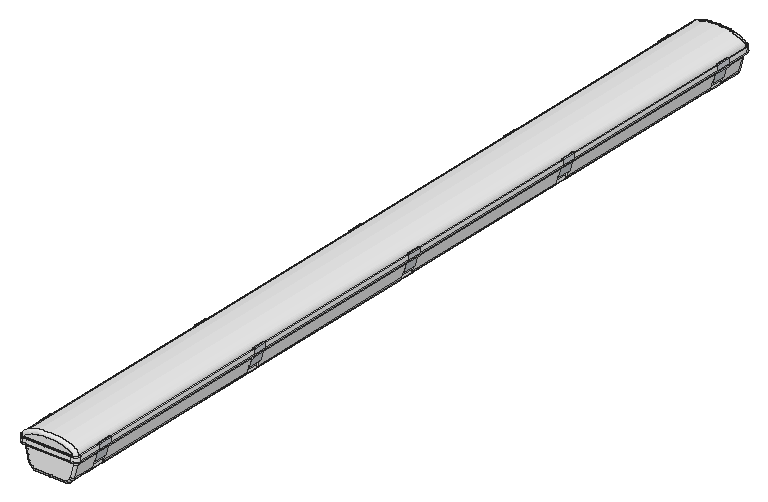
Revit family "0048721", category Lighting Fixtures, host Face, Revit 2017
Family settings
  Host = Face
  Round Connector Dimension = Use Diameter
  Part Type = Normal
  OmniClass Number = 23.80.70.11.14
  OmniClass Title = General Luminaries, Directional
  Cut with Voids When Loaded = Yes
  Light Source = Yes
  Shared = No
  Room Calculation Point = No
Parameters (values of type "0048721 SYLPROOF SUPERIA LED G3 1500mm T 4K SSH01")
  Width = 110 mm
  Weight = "2.4 kg"
  Wattage Comments = "n/a"
  Wattage = 49 W
  WarrantyStartDate [instance] = "n/a"
  WarrantyGuarantorParts = "n/a"
  WarrantyDurationUnit = "n/a"
  WarrantyDurationParts = "n/a"
  WarrantyDescription = "n/a"
  built-in parameter 1150110 = 1 (stored number, unit not read)
  Voltage = 230 V
  URL = "http://www.sylvania-lighting.com"
  TypeName = "SYLPROOF SUPERIA LED G3 1500mm T 4K SSH01"
  Type Image = <None>
  Type Comments = "n/a"
  built-in parameter 1114217 = 1 (stored number, unit not read)
  Tilt Angle = -90.00°
  built-in parameter 1150109 = 1 (stored number, unit not read)
  built-in parameter 1150134 = 12
  built-in parameter 1150113 = 1 (stored number, unit not read)
  SerialNumber [instance] = "n/a"
  ReflectorMaterial = none
  PowerFactor = 0
  PowerConsumption = "49 W"
  Photometric Web File = "0048721.ies"
  NominalWidth = 0 mm
  NominalLength = 1578 mm
  NominalHeight = 78 mm
  Name = "SYLPROOF SUPERIA LED G3 1500mm T 4K SSH01"
  ModelReference = "SYLPROOF SUPERIA LED G3 1500mm T 4K SSH01"
  ModelNumber = "0048721"
  Model = "SYLPROOF SUPERIA LED G3 1500mm T 4K SSH01"
  Material = "polycarbonate housing, polycarbonate diffuser"
  ManufacturerName = "Feilo Sylvania"
  Manufacturer = "Feilo Sylvania"
  LuminousEfficacy = "138 lm/W"
  built-in parameter 1150105 = 538.1 (stored number, unit not read)
  Lumens = 6762 lm
  LuminaireType = "Weatherproof"
  built-in parameter 1150115 = 1 (stored number, unit not read)
  LightOutputRatio = "n/a"
  built-in parameter 1150137 = (empty or 0)
  built-in parameter 1150139 = (empty or 0)
  Length = 1572 mm
  LampsType = Lamp  # "LED"
  LampNominalLuminous = "6800 lm"
  LampMacAdamStep = "3"
  LampColourTemperature = "4000 K"
  LampColourRenderingIndex = "80"
  built-in parameter 1150112 = 1 (stored number, unit not read)
  built-in parameter 1150114 = 1 (stored number, unit not read)
  Lamp = "LED"
  Keynote = "16500"
  InstallationDate [instance] = "n/a"
  InputVoltage = "220-240V~"
  InputNominalFrequency = "50/60 Hz"
  built-in parameter 1150132 = (empty or 0)
  built-in parameter 1150102 = (empty or 0)
  built-in parameter 1150107 = 4000 (stored number, unit not read)
  built-in parameter 1150138 = (empty or 0)
  IngressProtection = "IP65"
  ImpactProtectionIndex = "IK08"
  built-in parameter 1150106 = 5.381 (stored number, unit not read)
  IfcExportType = "IfcLightFixtureType"
  IfcExportAs = "IfcLightFixtureType"
  ExpectedLife = 50000
  Emit from Rectangle Width = Width - 20 mm  # 90 mm
  Emit from Rectangle Length = Length - 20 mm  # 1552 mm
  Emit Shape Visible in Rendering = no
  ElectricShockClassification = "Class I"
  built-in parameter 1150104 = 12.821 (stored number, unit not read)
  DurationUnit = "hours"
  DocumentationLiterature = "http://www.sylvania-lighting.com/product/en-int/products/0048721"
  DimmingControlOptions = "Non dimmable"
  Dimming Lamp Color Temperature Shift = <None>
  DiffuserMaterial = Diffuser-Sylvania-Transparent
  Description = ""
  Default Elevation = 1219.2 mm
  CreatedOn = "11/9/2017"
  CreatedBy = ""
  Cost = 0
  Color Filter = 16777215
  built-in parameter 1114216 [instance] = (empty or 0)
  ClassificationValue = "EF_70_80"
  ClassificationName = "Uniclass2015"
  BodyMaterial = Body-Sylvania-Gray
  BarCode [instance] = "n/a"
  built-in parameter 1114218 = 1 (stored number, unit not read)
  built-in parameter 1150133 = 10 (stored number, unit not read)
  AssetType = "Fixed"
  AssetIdentifier [instance] = "n/a"
  Assembly Code = "D5020200"
  Apparent Load = 49 VA
  AccessoryMaterial = Diffuser-Sylvania-Glow
Reference planes
  plane 1 "Center (Front/Back)": y = 0
  plane 2: z = 0
  plane 3 "Center (Left/Right)": x = 0
  plane 4: z = 54
  plane 5: x = -27.7
  plane 6: x = -34.8
  plane 7: x = -39.6
  plane 8: x = -42.2
  plane 9: z = 3
  plane 10: z = 7.8
  plane 11: z = 12.3
  plane 12: z = 36.6
  plane 13: z = 42.8
  plane 14: x = -51.1
  plane 15: z = 46.2
  plane 16: x = -55
  plane 17: y = 786
  plane 18: y = -786
  plane 19: x = 27.7
  plane 20: x = 34.8
  plane 21: x = 39.6
  plane 22: x = 42.2
  plane 23: x = 51.1
  plane 24: x = 55
  plane 25: y = 778.4
  plane 26: y = -778.4
  plane 27: y = -774.7
  plane 28: y = 774.7
  plane 29: z = 74
  plane 30: x = -51.5
  plane 31: x = 51.5
  plane 32: z = 55.2
  plane 33: y = -782.5
  plane 34: y = 782.5
  plane 35: x = -37.5
  plane 36: x = 37.5
  plane 37: x = -48.7
  plane 38: x = 48.7
  plane 39: x = 18
  plane 40: x = -18
  plane 41: z = 50.2
  plane 42: z = 24.6
  plane 43: y = 720
  plane 44: y = 706
  plane 45: y = 734
  plane 46: y = -720
  plane 47: y = 720
  plane 48: y = 706
  plane 49: y = 734
  plane 50: y = -720
  plane 51: y = -734
  plane 52: y = -706
  plane 53: y = 360
  plane 54: y = 346
  plane 55: y = 374
  plane 56: y = 0
  plane 57: y = -14
  plane 58: y = 14
  plane 59: y = -360
  plane 60: y = -374
  plane 61: y = -346
Forms (mm)
  Sweep 1, solid, material "Body-Sylvania-Gray" <- "BodyMaterial", detail levels medium+fine
    path origin (1223.4, -4572, 54) x (0, -1, 0) y (1, 0, 0)
      loop
        arc (-3796, -1278.4) -> (-3788.929, -1275.471) -> (-3786, -1268.4) r 10
        line (-3786, -1268.4) -> (-3786, -1178.4)
        arc (-3786, -1178.4) -> (-3788.929, -1171.329) -> (-3796, -1168.4) r 10
        line (-3796, -1168.4) -> (-5348, -1168.4)
        arc (-5348, -1168.4) -> (-5355.071, -1171.329) -> (-5358, -1178.4) r 10
        line (-5358, -1178.4) -> (-5358, -1268.4)
        arc (-5358, -1268.4) -> (-5355.071, -1275.471) -> (-5348, -1278.4) r 10
        line (-5348, -1278.4) -> (-3796, -1278.4)
    profile origin (-55, 0, 54) x (-1, 0, 0) y (0, 0, 1)
      loop
        line (0, 0) -> (-1, 0) -> (-1, -7.726)
        arc (-1, -7.726) -> (-1.994, -9.498) -> (-3.9, -10.2) r 2.937
        line (-3.9, -10.2) -> (-8.571, -10.2) -> (-8.571, -11.2) -> (-3.9, -11.2)
        arc (-3.9, -11.2) -> (-1.313, -10.231) -> (0, -7.8) r 3.937
        line (0, -7.8) -> (0, 0)
  Sweep 2, solid, material "Body-Sylvania-Gray" <- "BodyMaterial", detail levels medium+fine
    path origin (0, 0, 0) x (1, 0, 0) y (0, 0, 1)
      loop
        line (48.7, 42.8) -> (48.7, 36.6) -> (42.203, 12.31)
        arc (42.203, 12.31) -> (41.199, 9.884) -> (39.6, 7.8) r 10.052
        line (39.6, 7.8) -> (34.8, 3)
        arc (34.8, 3) -> (31.554, 0.781) -> (27.7, 0) r 9.902
        line (27.7, 0) -> (0, 0) -> (-27.7, 0)
        arc (-27.7, 0) -> (-31.554, 0.781) -> (-34.8, 3) r 9.902
        line (-34.8, 3) -> (-39.6, 7.8)
        arc (-39.6, 7.8) -> (-41.199, 9.884) -> (-42.203, 12.31) r 10.052
        line (-42.203, 12.31) -> (-48.7, 36.6) -> (-48.7, 42.8)
    profile origin (0, 0, 0) x (0, 0, -1) y (0, -1, 0)
      loop
        arc (0, 773.4) -> (-1.464, 776.936) -> (-5, 778.4) r 5
        line (-5, 778.4) -> (-7.8, 778.4) -> (-7.8, -778.4) -> (-5, -778.4)
        arc (-5, -778.4) -> (-1.464, -776.936) -> (0, -773.4) r 5
        line (0, -773.4) -> (0, 773.4)
  Extrusion 3, solid, material "Body-Sylvania-Gray" <- "BodyMaterial", detail levels medium+fine
    sketch origin (1524, 778.4, 1219.2) x (1, 0, 0) y (0, 0, 1)
      loop
        arc (-1558.668, -1204.874) -> (-1558.443, -1205.418) -> (-1558.085, -1205.885) r 2.252
        line (-1558.085, -1205.885) -> (-1553.231, -1210.738)
        arc (-1553.231, -1210.738) -> (-1552.534, -1211.227) -> (-1551.7, -1211.4) r 2.102
        line (-1551.7, -1211.4) -> (-1496.3, -1211.4)
        arc (-1496.3, -1211.4) -> (-1495.466, -1211.227) -> (-1494.769, -1210.738) r 2.102
        line (-1494.769, -1210.738) -> (-1489.915, -1205.885)
        arc (-1489.915, -1205.885) -> (-1489.557, -1205.418) -> (-1489.332, -1204.874) r 2.252
        line (-1489.332, -1204.874) -> (-1483.1, -1181.575) -> (-1483.1, -1176.4) -> (-1564.9, -1176.4) -> (-1564.9, -1181.575) -> (-1558.668, -1204.874)
    from 0 to 1556.8
  Sweep 4, solid, material "Diffuser-Sylvania-Transparent" <- "DiffuserMaterial", detail levels medium+fine
    path origin (0, 0, 0) x (1, 0, 0) y (0, 0, 1)
      loop
        spline (-51.5, 55.2) -> (-49.745, 60.066) -> (-44.6, 64.6) -> (-36.416, 68.494) -> (-25.75, 71.481) -> (-13.329, 73.359) -> (0, 74) -> (13.329, 73.359) -> (25.75, 71.481) -> (36.416, 68.494) -> (44.6, 64.6) -> (49.745, 60.066) -> (51.5, 55.2)
    profile origin (51.5, 0, 55.2) x (0, -1, 0) y (1, 0, 0)
      loop
        arc (782.5, -5.5) -> (780.889, -1.611) -> (777, 0) r 5.5
        line (777, 0) -> (-777, 0)
        arc (-777, 0) -> (-780.889, -1.611) -> (-782.5, -5.5) r 5.5
        line (-782.5, -5.5) -> (-782.5, -6.3) -> (-781.5, -6.3) -> (-781.5, -5.5)
        arc (-781.5, -5.5) -> (-780.182, -2.318) -> (-777, -1) r 4.5
        line (-777, -1) -> (777, -1)
        arc (777, -1) -> (780.182, -2.318) -> (781.5, -5.5) r 4.5
        line (781.5, -5.5) -> (781.5, -6.347) -> (782.5, -6.347) -> (782.5, -5.5)
  Extrusion 5, solid, material "Diffuser-Sylvania-Transparent" <- "DiffuserMaterial", detail levels medium+fine
    sketch origin (1524, -782.5, 1219.2) x (1, 0, 0) y (0, 0, 1)
      loop
        line (-1569.653, -1164) -> (-1478.347, -1164)
        spline (-1478.347, -1164) -> (-1478.969, -1162.594) -> (-1482.527, -1159.545) -> (-1489.588, -1156.201) -> (-1499.458, -1153.445) -> (-1511.242, -1151.663) -> (-1524, -1151.049) -> (-1536.758, -1151.663) -> (-1548.542, -1153.445) -> (-1558.412, -1156.201) -> (-1565.473, -1159.545) -> (-1569.031, -1162.594) -> (-1569.653, -1164)
    from 0 to -1
  Extrusion 6, solid, material "Diffuser-Sylvania-Transparent" <- "DiffuserMaterial", detail levels medium+fine
    sketch origin (1524, 782.5, 1219.2) x (1, 0, 0) y (0, 0, 1)
      loop
        spline (-1478.3, -1164) -> (-1478.931, -1162.565) -> (-1482.502, -1159.505) -> (-1489.572, -1156.155) -> (-1499.446, -1153.394) -> (-1511.236, -1151.614) -> (-1524, -1151.007) -> (-1536.764, -1151.614) -> (-1548.554, -1153.394) -> (-1558.428, -1156.155) -> (-1565.498, -1159.505) -> (-1569.069, -1162.565) -> (-1569.7, -1164)
        line (-1569.7, -1164) -> (-1478.3, -1164)
    from 0 to 1
  Extrusion 7, solid, material "Diffuser-Sylvania-Transparent" <- "DiffuserMaterial", detail levels medium+fine
    sketch origin (1223.4, -4572, 55.2) x (0, -1, 0) y (-1, 0, 0)
      loop
        arc (-5353.5, 1177.4) -> (-5352.182, 1174.218) -> (-5349, 1172.9) r 4.5
        line (-5349, 1172.9) -> (-3795, 1172.9)
        arc (-3795, 1172.9) -> (-3791.818, 1174.218) -> (-3790.5, 1177.4) r 4.5
        line (-3790.5, 1177.4) -> (-3790.5, 1269.4)
        arc (-3790.5, 1269.4) -> (-3791.818, 1272.582) -> (-3795, 1273.9) r 4.5
        line (-3795, 1273.9) -> (-5349, 1273.9)
        arc (-5349, 1273.9) -> (-5352.182, 1272.582) -> (-5353.5, 1269.4) r 4.5
        line (-5353.5, 1269.4) -> (-5353.5, 1177.4)
      loop
        line (-5358, 1268.4) -> (-5358, 1178.4)
        arc (-5358, 1178.4) -> (-5355.071, 1171.329) -> (-5348, 1168.4) r 10
        line (-5348, 1168.4) -> (-3796, 1168.4)
        arc (-3796, 1168.4) -> (-3788.929, 1171.329) -> (-3786, 1178.4) r 10
        line (-3786, 1178.4) -> (-3786, 1268.4)
        arc (-3786, 1268.4) -> (-3788.929, 1275.471) -> (-3796, 1278.4) r 10
        line (-3796, 1278.4) -> (-5348, 1278.4)
        arc (-5348, 1278.4) -> (-5355.071, 1275.471) -> (-5358, 1268.4) r 10
    from 0 to 1.2
  Extrusion 8, solid, material "Diffuser-Sylvania-Glow" <- "AccessoryMaterial", detail levels fine
    sketch origin (0, 0, 0) x (1, 0, 0) y (0, 0, 1)
      loop
        circle (-18, 50.2) r 8
      loop
        circle (18, 50.2) r 8
    from -774.7 to 774.7
  Extrusion 9, void
    sketch origin (0, 720, 2343.807) x (0, 0, -1) y (-1, 0, 0)
      loop
        line (2340.807, -37.5) -> (2331.507, -37.5) -> (2319.207, -42.2) -> (2319.207, -48.7) -> (2340.807, -48.7) -> (2340.807, -37.5)
      loop
        line (2340.807, 37.5) -> (2340.807, 48.7) -> (2319.207, 48.7) -> (2319.207, 42.2) -> (2331.507, 37.5) -> (2340.807, 37.5)
    from -14 to 14
  Extrusion 10, solid, material "Body-Sylvania-Gray" <- "BodyMaterial", detail levels coarse
    sketch origin (0, 0, 0) x (1, 0, 0) y (0, 0, 1)
      loop
        line (55, 42.8) -> (55, 55.2) -> (-55, 55.2) -> (-55, 42.791) -> (-42.2, 0) -> (42.2, 0) -> (55, 42.8)
    from -786 to 786
  Extrusion 11, solid, material "Diffuser-Sylvania-Transparent" <- "DiffuserMaterial", detail levels coarse
    sketch origin (0, 0, 0) x (1, 0, 0) y (0, 0, 1)
      loop
        arc (51.5, 55.2) -> (0, 74) -> (-51.5, 55.2) r 79.939
        line (-51.5, 55.2) -> (51.5, 55.2)
    from 778.4 to -778.4
  Extrusion 12, void, not visible
    sketch origin (0, 720, 2343.807) x (0, 0, -1) y (-1, 0, 0)
      loop
        line (2340.807, -37.5) -> (2331.507, -37.5) -> (2319.207, -42.2) -> (2319.207, -48.7) -> (2340.807, -48.7) -> (2340.807, -37.5)
      loop
        line (2340.807, 37.5) -> (2340.807, 48.7) -> (2319.207, 48.7) -> (2319.207, 42.2) -> (2331.507, 37.5) -> (2340.807, 37.5)
    from -14 to 14
  Extrusion 13, void
    sketch origin (0, -720, 2343.807) x (0, 0, -1) y (-1, 0, 0)
      loop
        line (2340.807, -37.5) -> (2331.507, -37.5) -> (2319.207, -42.2) -> (2319.207, -48.7) -> (2340.807, -48.7) -> (2340.807, -37.5)
      loop
        line (2340.807, 37.5) -> (2340.807, 48.7) -> (2319.207, 48.7) -> (2319.207, 42.2) -> (2331.507, 37.5) -> (2340.807, 37.5)
    from -14 to 14
  Extrusion 14, void
    sketch origin (0, 360, 2343.807) x (0, 0, -1) y (-1, 0, 0)
      loop
        line (2340.807, -37.5) -> (2331.507, -37.5) -> (2319.207, -42.2) -> (2319.207, -48.7) -> (2340.807, -48.7) -> (2340.807, -37.5)
      loop
        line (2340.807, 37.5) -> (2340.807, 48.7) -> (2319.207, 48.7) -> (2319.207, 42.2) -> (2331.507, 37.5) -> (2340.807, 37.5)
    from -14 to 14
  Extrusion 15, void
    sketch origin (0, 0, 2343.807) x (0, 0, -1) y (-1, 0, 0)
      loop
        line (2340.807, -37.5) -> (2331.507, -37.5) -> (2319.207, -42.2) -> (2319.207, -48.7) -> (2340.807, -48.7) -> (2340.807, -37.5)
      loop
        line (2340.807, 37.5) -> (2340.807, 48.7) -> (2319.207, 48.7) -> (2319.207, 42.2) -> (2331.507, 37.5) -> (2340.807, 37.5)
    from -14 to 14
  Extrusion 16, void
    sketch origin (0, -360, 2343.807) x (0, 0, -1) y (-1, 0, 0)
      loop
        line (2340.807, -37.5) -> (2331.507, -37.5) -> (2319.207, -42.2) -> (2319.207, -48.7) -> (2340.807, -48.7) -> (2340.807, -37.5)
      loop
        line (2340.807, 37.5) -> (2340.807, 48.7) -> (2319.207, 48.7) -> (2319.207, 42.2) -> (2331.507, 37.5) -> (2340.807, 37.5)
    from -14 to 14
Cuts and joins
  Extrusion 9, Extrusion 13, Extrusion 14, Extrusion 15, Extrusion 16 cuts Sweep 2
  Extrusion 13, Extrusion 14, Extrusion 15, Extrusion 16 cuts Extrusion 3
  joined: Sweep 2, Extrusion 3
  joined: Sweep 4, Extrusion 5, Extrusion 6
Dimensions and locks
  locked: plane 4 to plane 2 at 54
  plane 5 to plane 6 to plane 7 to plane 8 to plane 14 to plane 16 = 7.1 mm locked, 4.8 mm locked, 2.6 mm locked, 8.9 mm, 3.9 mm
  plane 4 to plane 15 to plane 13 to plane 12 to plane 11 to plane 10 to plane 9 = 7.8 mm locked, 3.4 mm, 6.2 mm locked, 24.3 mm locked, 4.5 mm locked, 4.8 mm locked
  equal spacing: plane 18, plane 1 "Center (Front/Back)", plane 17
  "Length": plane 18 to plane 17
  plane 19 to plane 20 to plane 21 to plane 22 to plane 23 to plane 24 = 7.1 mm locked, 4.8 mm locked, 2.6 mm locked, 8.9 mm, 3.9 mm
  equal spacing: plane 24, plane 3 "Center (Left/Right)", plane 16
  "Width": plane 24 to plane 16
  equal spacing: plane 27, plane 1 "Center (Front/Back)", plane 28
  locked: plane 26 to plane 27 at 3.7
  locked: Sweep 1 sketch curve to profile plane at 1
  locked: Sweep 1 sketch curve to plane 13 at 1
  locked: Sweep 1 sketch curve to plane 13 at 3.937  (x2)
  locked: Sweep 1 sketch curve to profile plane at 3.9  (x2)
  locked: plane 29 to plane 4 at 20
  equal spacing: plane 31, plane 3 "Center (Left/Right)", plane 30
  locked: plane 30 to plane 16 at 3.5
  locked: plane 32 to plane 4 at 1.2
  equal spacing: plane 33, plane 1 "Center (Front/Back)", plane 34
  equal spacing: plane 36, plane 3 "Center (Left/Right)", plane 35
  locked: plane 3 "Center (Left/Right)" to plane 35 at 37.5
  locked: plane 34 to plane 17 at 3.5
  equal spacing: plane 38, plane 3 "Center (Left/Right)", plane 37
  locked: plane 37 to plane 16 at 6.3
  equal spacing: plane 25, plane 1 "Center (Front/Back)", plane 26
  locked: plane 17 to plane 25 at 7.6
  locked: Sweep 2 sketch curve to plane 2 at 5  (x2)
  locked: Sweep 2 sketch curve to plane 26 at 5
  locked: plane 25 to Sweep 2 sketch curve at 5
  locked: Sweep 4 sketch curve to plane 31 at 5.5  (x2)
  locked: Sweep 4 sketch curve to plane 34 at 5.5
  plane 33 to Sweep 4 sketch curve = 5.5 mm
  locked: plane 34 to Sweep 4 sketch curve at 1
  locked: Sweep 4 sketch curve to plane 31 at 1
  locked: Sweep 4 sketch curve to Sweep 4 sketch curve at 1
  locked: Sweep 4 sketch curve to plane 31 at 6.347
  locked: Sweep 4 sketch curve to plane 31 at 6.3
  equal spacing: plane 39, plane 3 "Center (Left/Right)", plane 40
  locked: plane 3 "Center (Left/Right)" to plane 40 at 18
  locked: plane 42 to plane 2 at 24.6
  plane 45 to plane 43 to plane 44 = 14 mm locked, 14 mm locked
  locked: plane 17 to plane 43 at 66
  equal spacing: plane 43, plane 1 "Center (Front/Back)", plane 46
  plane 49 to plane 47 to plane 48 = 14 mm locked, 14 mm locked
  plane 52 to plane 50 to plane 51 = 14 mm locked, 14 mm locked  (x2)
  equal spacing: group 1, group 6, group 7, group 8, group 5  (x2)
  equal spacing: group 5, group 8, group 7, group 6, group 1
  plane 55 to plane 53 to plane 54 = 14 mm locked, 14 mm locked  (x2)
  plane 58 to plane 56 to plane 57 = 14 mm locked, 14 mm locked  (x2)
  plane 61 to plane 59 to plane 60 = 14 mm locked, 14 mm locked  (x2)
  plane 43 to plane 53 to plane 1 "Center (Front/Back)" to plane 59 to plane 50 = 360 mm locked, 360 mm locked, 360 mm locked, 360 mm locked
  aligned and locked: plane 2 to host face
  aligned and locked: level to host face
  aligned and locked: plane 16 to Sweep 1 sketch curve
  aligned and locked: Sweep 1 sketch curve to plane 24
  aligned and locked: plane 18 to Sweep 1 sketch curve
  aligned and locked: Sweep 1 sketch curve to plane 13
  aligned and locked: profile plane to Sweep 1 sketch curve
  aligned and locked: plane 3 "Center (Left/Right)" to Sweep 2 sketch curve
  aligned and locked: plane 9 to Sweep 2 sketch curve
  aligned and locked: plane 10 to Sweep 2 sketch curve
  aligned and locked: plane 37 to Sweep 2 sketch curve
  aligned and locked: plane 12 to Sweep 2 sketch curve
  aligned and locked: Sweep 2 sketch curve to level
  aligned and locked: plane 21 to Sweep 2 sketch curve
  aligned and locked: plane 38 to Sweep 2 sketch curve
  aligned and locked: profile plane to Sweep 2 sketch curve
  aligned and locked: plane 25 to Sweep 2 sketch curve
  aligned and locked: Sweep 2 sketch curve to plane 10
  aligned and locked: Extrusion 3 sketch curve to Sweep 2  (x7)
  aligned and locked: Sweep 2 to Extrusion 3 sketch curve
  aligned and locked: Extrusion 3 to plane 25
  aligned and locked: plane 26 to Extrusion 3
  aligned and locked: plane 32 to Sweep 4 sketch curve
  aligned and locked: plane 33 to Sweep 4 sketch curve
  aligned and locked: Sweep 4 to Extrusion 5
  aligned and locked: plane 33 to Extrusion 5
  aligned and locked: Extrusion 5 sketch curve to Sweep 4
  aligned and locked: cut or joined group of Sweep 4, Extrusion 5, Extrusion 6 to Extrusion 6 sketch curve
  aligned and locked: Extrusion 7 sketch curve to cut or joined group of Sweep 4, Extrusion 5, Extrusion 6  (x2)
  aligned and locked: cut or joined group of Sweep 4, Extrusion 5, Extrusion 6 to Extrusion 7 sketch curve  (x2)
  aligned and locked: plane 41 to Extrusion 8 sketch curve  (x2)
  aligned and locked: plane 39 to Extrusion 8 sketch curve
  aligned and locked: plane 27 to Extrusion 8
  aligned and locked: Extrusion 8 to plane 28
  aligned and locked: Extrusion 9 to plane 42
  aligned and locked: plane 9 to Extrusion 9
  aligned and locked: plane 44 to Extrusion 9
  aligned and locked: Extrusion 9 to plane 45
  aligned and locked: Extrusion 7 sketch curve to Sweep 1  (x4)
  aligned and locked: plane 4 to Extrusion 7
  aligned and locked: Extrusion 7 to plane 32
  aligned and locked: nested 2 to plane 43
  aligned and locked: plane 43 to nested 1
  aligned and locked: Extrusion 10 sketch curve to plane 24
  aligned and locked: Extrusion 10 sketch curve to Extrusion 7
  aligned and locked: plane 8 to Extrusion 10 sketch curve
  aligned and locked: plane 22 to Extrusion 10 sketch curve
  aligned and locked: level to Extrusion 10 sketch curve
  aligned and locked: Extrusion 10 to plane 17
  aligned and locked: plane 18 to Extrusion 10
  aligned and locked: cut or joined group of Sweep 4, Extrusion 5, Extrusion 6 to Extrusion 11 sketch curve
  aligned and locked: Extrusion 11 sketch curve to cut or joined group of Sweep 4, Extrusion 5, Extrusion 6  (x2)
  aligned and locked: plane 31 to Extrusion 11 sketch curve
  aligned and locked: plane 30 to Extrusion 11 sketch curve
  aligned and locked: plane 26 to Extrusion 11
  aligned and locked: Extrusion 11 to plane 25
  aligned and locked: imposter light to plane 29
  aligned and locked: plane 3 "Center (Left/Right)" to imposter light
  aligned and locked: plane 1 "Center (Front/Back)" to imposter light
  aligned and locked: plane 51 to Extrusion 13
  aligned and locked: Extrusion 13 to plane 52
  aligned and locked: plane 54 to Extrusion 14
  aligned and locked: Extrusion 14 to plane 55
  aligned and locked: plane 57 to Extrusion 15
  aligned and locked: Extrusion 15 to plane 58
  aligned and locked: plane 60 to Extrusion 16
  aligned and locked: Extrusion 16 to plane 61
  aligned and locked: nested 3 to plane 53
  aligned and locked: plane 53 to nested 10
  aligned and locked: nested 4 to plane 56
  aligned and locked: plane 56 to nested 9
  aligned and locked: nested 5 to plane 59
  aligned and locked: plane 59 to nested 8
  aligned and locked: nested 6 to plane 50
  aligned and locked: plane 50 to nested 7
Automatic sketch dimensions
  host sketch curve to host sketch curve = 2438.4 mm  (x2)
  plane 17 to Sweep 1 sketch curve = 0 mm
  Sweep 1 sketch curve to plane 28 = 1.3 mm
  Sweep 1 sketch curve to plane 7 = 5.4 mm
  plane 27 to Sweep 1 sketch curve = 1.3 mm  (x2)
  Sweep 1 sketch curve to Sweep 1 sketch curve = 4.671 mm
  Sweep 1 sketch curve to plane 4 = 0 mm
  Sweep 2 sketch curve to plane 7 = 0 mm
  Sweep 2 sketch curve to plane 6 = 0 mm
  Sweep 2 sketch curve to plane 5 = 0 mm
  plane 19 to Sweep 2 sketch curve = 0 mm
  Sweep 2 sketch curve to plane 9 = 0 mm
  plane 20 to Sweep 2 sketch curve = 0 mm
  Sweep 2 sketch curve to plane 12 = 0 mm
  Sweep 2 sketch curve to plane 10 = 0 mm
  Sweep 2 sketch curve to plane 13 = 0 mm  (x2)
  Sweep 2 sketch curve to plane 8 = 0.003 mm
  plane 6 to Sweep 2 sketch curve = 2.308 mm
  plane 20 to Sweep 2 sketch curve = 2.308 mm
  Sweep 2 sketch curve to plane 22 = 0.003 mm
  Sweep 2 sketch curve to plane 11 = 0.01 mm  (x2)
  Extrusion 3 sketch curve to plane 5 = 0 mm
  plane 19 to Extrusion 3 sketch curve = 0 mm
  plane 6 to Extrusion 3 sketch curve = 0.132 mm
  plane 6 to Extrusion 3 sketch curve = 0.715 mm
  Extrusion 3 sketch curve to Extrusion 3 sketch curve = 1.592 mm
  Extrusion 3 sketch curve to plane 10 = 0.662 mm  (x2)
  plane 20 to Extrusion 3 sketch curve = 2.308 mm
  plane 20 to Extrusion 3 sketch curve = 0.715 mm
  plane 20 to Extrusion 3 sketch curve = 0.132 mm
  Sweep 4 sketch curve to plane 30 = 0 mm
  Sweep 4 sketch curve to plane 3 "Center (Left/Right)" = 0 mm
  Sweep 4 sketch curve to Sweep 4 sketch curve = 0 mm  (x2)
  plane 37 to Extrusion 5 sketch curve = 3.047 mm
  Extrusion 5 sketch curve to plane 38 = 3.047 mm
  plane 37 to Extrusion 6 sketch curve = 3 mm
  Extrusion 6 sketch curve to plane 38 = 3 mm
  plane 25 to Extrusion 7 sketch curve = 1.4 mm  (x2)
  Extrusion 7 sketch curve to plane 26 = 1.4 mm  (x2)
  Extrusion 8 sketch curve to plane 40 = 0 mm
  Extrusion 9 sketch curve to Extrusion 9 sketch curve = 0 mm
  Extrusion 9 sketch curve to Extrusion 9 sketch curve = 12.3 mm  (x2)
  Extrusion 9 sketch curve to Extrusion 9 sketch curve = 9.3 mm  (x2)
  Extrusion 9 sketch curve to Extrusion 9 sketch curve = 6.5 mm
  Extrusion 9 sketch curve to Extrusion 9 sketch curve = 4.7 mm  (x2)
  Extrusion 9 sketch curve to Extrusion 9 sketch curve = 75 mm
  Extrusion 9 sketch curve to Extrusion 9 sketch curve = 11.2 mm
  Extrusion 10 sketch curve to plane 13 = 0 mm
  plane 13 to Extrusion 10 sketch curve = 0.009 mm
  Extrusion 11 sketch curve to level = 5.939 mm
  Extrusion 10 sketch curve to plane 16 = 0 mm
  Extrusion 12 sketch curve to Extrusion 12 sketch curve = 0 mm
  Extrusion 12 sketch curve to Extrusion 12 sketch curve = 12.3 mm  (x2)
  Extrusion 12 sketch curve to Extrusion 12 sketch curve = 9.3 mm  (x2)
  Extrusion 12 sketch curve to Extrusion 12 sketch curve = 6.5 mm
  Extrusion 12 sketch curve to Extrusion 12 sketch curve = 4.7 mm  (x2)
  Extrusion 12 sketch curve to Extrusion 12 sketch curve = 75 mm
  Extrusion 12 sketch curve to Extrusion 12 sketch curve = 11.2 mm
  Extrusion 13 sketch curve to Extrusion 13 sketch curve = 0 mm
  Extrusion 13 sketch curve to Extrusion 13 sketch curve = 12.3 mm  (x2)
  Extrusion 13 sketch curve to Extrusion 13 sketch curve = 9.3 mm  (x2)
  Extrusion 13 sketch curve to Extrusion 13 sketch curve = 6.5 mm
  Extrusion 13 sketch curve to Extrusion 13 sketch curve = 4.7 mm  (x2)
  Extrusion 13 sketch curve to Extrusion 13 sketch curve = 75 mm
  Extrusion 13 sketch curve to Extrusion 13 sketch curve = 11.2 mm
  Extrusion 14 sketch curve to Extrusion 14 sketch curve = 0 mm
  Extrusion 14 sketch curve to Extrusion 14 sketch curve = 12.3 mm  (x2)
  Extrusion 14 sketch curve to Extrusion 14 sketch curve = 9.3 mm  (x2)
  Extrusion 14 sketch curve to Extrusion 14 sketch curve = 6.5 mm
  Extrusion 14 sketch curve to Extrusion 14 sketch curve = 4.7 mm  (x2)
  Extrusion 14 sketch curve to Extrusion 14 sketch curve = 75 mm
  Extrusion 14 sketch curve to Extrusion 14 sketch curve = 11.2 mm
  Extrusion 15 sketch curve to Extrusion 15 sketch curve = 0 mm
  Extrusion 15 sketch curve to Extrusion 15 sketch curve = 12.3 mm  (x2)
  Extrusion 15 sketch curve to Extrusion 15 sketch curve = 9.3 mm  (x2)
  Extrusion 15 sketch curve to Extrusion 15 sketch curve = 6.5 mm
  Extrusion 15 sketch curve to Extrusion 15 sketch curve = 4.7 mm  (x2)
  Extrusion 15 sketch curve to Extrusion 15 sketch curve = 75 mm
  Extrusion 15 sketch curve to Extrusion 15 sketch curve = 11.2 mm
  Extrusion 16 sketch curve to Extrusion 16 sketch curve = 0 mm
  Extrusion 16 sketch curve to Extrusion 16 sketch curve = 12.3 mm  (x2)
  Extrusion 16 sketch curve to Extrusion 16 sketch curve = 9.3 mm  (x2)
  Extrusion 16 sketch curve to Extrusion 16 sketch curve = 6.5 mm
  Extrusion 16 sketch curve to Extrusion 16 sketch curve = 4.7 mm  (x2)
  Extrusion 16 sketch curve to Extrusion 16 sketch curve = 75 mm
  Extrusion 16 sketch curve to Extrusion 16 sketch curve = 11.2 mm
  radius of Extrusion 8 sketch curve = 8 mm  (x2)
Nested families
  nested 1: "Clip" at (42.2, 720, 24.6), type "Clip", detail levels fine
  nested 2: "Clip" at (-42.2, 720, 24.6) x (-1, 0, 0) z (0, 0, 1), type "Clip", detail levels fine
  nested 3: "Clip" at (-42.2, 360, 24.6) x (-1, 0, 0) z (0, 0, 1), type "Clip", detail levels fine
  nested 4: "Clip" at (-42.2, 0, 24.6) x (-1, 0, 0) z (0, 0, 1), type "Clip", detail levels fine
  nested 5: "Clip" at (-42.2, -360, 24.6) x (-1, 0, 0) z (0, 0, 1), type "Clip", detail levels fine
  nested 6: "Clip" at (-42.2, -720, 24.6) x (-1, 0, 0) z (0, 0, 1), type "Clip", detail levels fine
  nested 7: "Clip" at (42.2, -720, 24.6), type "Clip", detail levels fine
  nested 8: "Clip" at (42.2, -360, 24.6), type "Clip", detail levels fine
  nested 9: "Clip" at (42.2, 0, 24.6), type "Clip", detail levels fine
  nested 10: "Clip" at (42.2, 360, 24.6), type "Clip", detail levels fine
Connectors
  electrical at (0, 0, 0), driven by "Apparent Load"
    settings: index 1, voltage 230 V, apparent load 49 VA, apparent load phase1 0 VA, apparent load phase2 0 VA, apparent load phase3 0 VA, power factor 0, load classification "Lighting", number of poles 1, system type 30, power factor state 1, is connector primary yes, connector utility no, sub classification motor no, connector description ""
Definition of nested family "Clip"
  Parameters (values of type "Clip")
    URL = "http://www.feilosylvania.com"
    Type Comments = "n/a"
    Model = "n/a"
    Manufacturer = "Feilo Sylvania"
    Keynote = "n/a"
    Description = "n/a"
    Default Elevation = 1219.2 mm
    Cost = 0
    BodyMaterial = none
    Assembly Code = "n/a"
  Reference planes
    plane 1 "Center (Front/Back)": y = 0
    plane 2: z = 0
    plane 3 "Center (Left/Right)": x = 0
    plane 4: x = 3.3
    plane 5: x = 6.5
    plane 6: x = 8.9
    plane 7: x = 12.8
    plane 8: z = 12
    plane 9: z = 18.2
    plane 10: z = 21.6
    plane 11: z = 30.6
    plane 12: x = 9.3
    plane 13: z = 19.2
    plane 14: z = 16.2
    plane 15: x = 10.1
    plane 16: y = 12
    plane 17: y = -12
  Forms (mm)
    Extrusion 1, solid
      sketch origin (-0.8, 0, 0) x (1, 0, 0) y (0, 1, 0)
        loop
          line (-1219.2, 1219.2) -> (-1219.2, -1219.2) -> (1219.2, -1219.2) -> (1219.2, 1219.2) -> (-1219.2, 1219.2)
      from 0 to -304.8
    Extrusion 2, solid
      sketch origin (0, 0, 0) x (1, 0, 0) y (0, 0, 1)
        loop
          line (8.9, 16.2) -> (4.58, 0) -> (0, 0) -> (0, -0.8) -> (5.195, -0.8) -> (9.603, 15.731) -> (13.6, 18.806) -> (13.6, 30.6)
          arc (13.6, 30.6) -> (11.45, 32.75) -> (9.3, 30.6) r 2.15
          line (9.3, 30.6) -> (10.1, 30.6)
          arc (10.1, 30.6) -> (11.45, 31.95) -> (12.8, 30.6) r 1.35
          line (12.8, 30.6) -> (12.8, 19.2) -> (8.9, 16.2)
      from -12 to 12
  Lines and regions (mm)
    reference lines
      curve 1: line (3.3, 0, 0) -> (6.5, 0, 12)
      curve 2: arc (8.9, 0, 18.2) -> (11.488, 0, 19.169) -> (12.8, 0, 21.6) r 3.934
  Dimensions and locks
    plane 7 to plane 6 to plane 5 to plane 4 to plane 3 "Center (Left/Right)" = 3.9 mm locked, 2.4 mm locked, 3.2 mm locked, 3.3 mm locked
    plane 11 to plane 10 to plane 9 to plane 8 to plane 2 = 9 mm locked, 3.4 mm locked, 6.2 mm locked, 12 mm locked
    locked: plane 7 to plane 12 at 3.5
    locked: plane 13 to plane 9 at 1
    locked: plane 9 to plane 14 at 2
    locked: plane 15 to plane 12 at 0.8
    locked: plane 2 to Extrusion 2 sketch curve at 0.8
    locked: Extrusion 2 sketch curve to Extrusion 2 sketch curve at 0.8  (x3)
    locked: plane 7 to Extrusion 2 sketch curve at 1.35
    equal spacing: plane 17, plane 1 "Center (Front/Back)", plane 16
    locked: plane 1 "Center (Front/Back)" to plane 16 at 12
    aligned and locked: plane 2 to Extrusion 1
    aligned and locked: level to Extrusion 1
    aligned and locked: plane 4 to curve 1
    aligned and locked: plane 5 to curve 1
    aligned and locked: plane 6 to curve 2
    aligned and locked: plane 10 to curve 2
    aligned and locked: plane 14 to Extrusion 2 sketch curve
    aligned and locked: plane 13 to Extrusion 2 sketch curve
    aligned and locked: plane 7 to Extrusion 2 sketch curve
    aligned and locked: plane 3 "Center (Left/Right)" to Extrusion 2 sketch curve
    aligned and locked: Extrusion 2 sketch curve to level
    aligned and locked: Extrusion 2 sketch curve to plane 11
    aligned and locked: plane 11 to Extrusion 2 sketch curve
    aligned and locked: Extrusion 2 to plane 16
    aligned and locked: plane 17 to Extrusion 2
  Automatic sketch dimensions
    Extrusion 1 sketch curve to Extrusion 1 sketch curve = 2438.4 mm  (x2)
    curve 2 to plane 7 = 0 mm
    curve 1 to level = 0 mm
    curve 1 to plane 8 = 0 mm
    curve 2 to plane 9 = 0 mm
    plane 6 to curve 2 = 0.002 mm
    Extrusion 2 sketch curve to Extrusion 2 sketch curve = 0 mm
    Extrusion 2 sketch curve to plane 6 = 0 mm
    plane 4 to Extrusion 2 sketch curve = 1.28 mm
